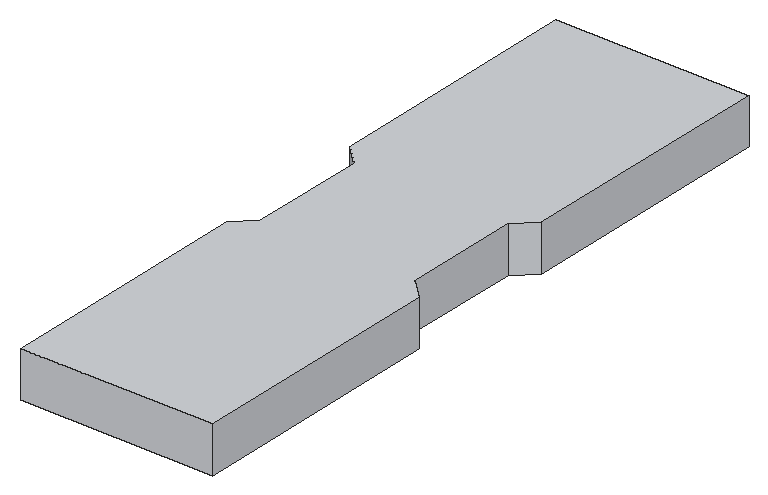
Revit family "T1000000주행공동구뚜껑", category 일반 모델, Revit 2018
Family settings
  보강 철근 호스트 가능 = 아니오
  원형 커넥터 치수 = 지름 사용
  부품 유형 = 보통
  작업 기준면 기반 = 아니오
  항상 수직 = 예
  로드될 때 보이드를 사용하여 절단 = 아니오
  공유 = 아니오
  룸 계산 점 = 아니오
Reference planes
  plane 1 "중심(앞/뒤)": y = 0
  plane 2: z = 0
  plane 3 "중심(왼쪽/오른쪽)": x = 0
Forms (mm)
  Extrusion 1, solid
    sketch origin (0, -19390, 0) x (1, 0, 0) y (0, 1, 0)
      loop
        line (0, 6470) -> (0, 6805) -> (-25, 6830) -> (-25, 6980) -> (0, 7005) -> (0, 7340) -> (-250, 7340) -> (-250, 7005) -> (-225, 6980) -> (-225, 6830) -> (-250, 6805) -> (-250, 6470) -> (0, 6470)
    from 706 to 766
Dimensions and locks
  aligned and locked: level to plane 2
